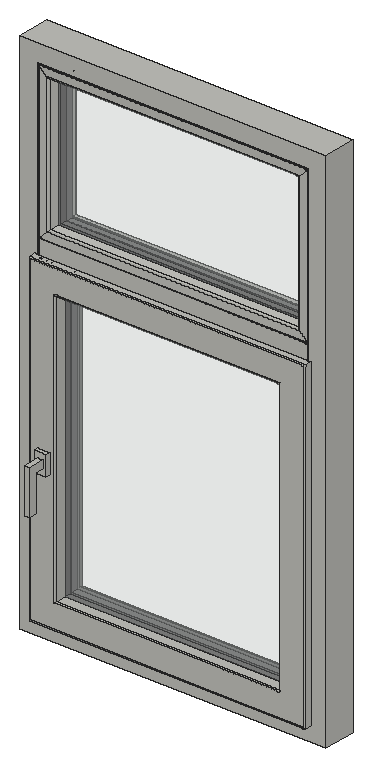
Revit family "2021_ES_Ventana_Replus_RE80-PVC-i30_11102_1H-1FS", category Ventanas, Revit 2021
Family settings
  Anfitrión = Muro
  Número OmniClass = 23.30.20.00
  Título OmniClass = Windows
  Siempre vertical = Sí
  Corte con vacíos al cargar = No
  Compartido = No
  Punto de cálculo de habitación = No
Parameters (values of type "11102")
  Ι_Wll Thcknss [instance] = 200.000 mm
  Ι_Wdth Cntrl = if(Anchura < 429.000 mm, 429.000 mm, if(Anchura > 1514.000 mm, 1514.000 mm, Anchura))  # 750.000 mm
  Ι_Ssh Wdth = (Ι_Wdth Cntrl - 2 * 36.800 mm)  # 676.400 mm
  Ι_Ssh Hght = if(Altura de hoja < 165.000 mm, 165.000 mm, if(Altura de hoja > Ι_Hght Cntrl - 2.000 mm * 36.8 - Ι_Fxd Hght - 17.700 mm + 40.000 mm, Ι_Hght Cntrl - 2.000 mm * 36.8 - Ι_Fxd Hght - 17.700 mm + 40.000 mm, Ι_Hght Cntrl - 2.000 mm * 36.8 - Ι_Fxd Hght - 17.700 mm + 40.000 mm))  # 799.700 mm
  Ι_Nst Cntrl [instance] = if(Retranqueo > Ι_Wll Thcknss - 80.000 mm, Ι_Wll Thcknss - 80.000 mm, if(Retranqueo = Ι_Wll Thcknss - 80.000 mm, Ι_Wll Thcknss - 80.000 mm, Retranqueo))  # 0.000 mm
  Ι_Hndl Hght Cntrl = if(Altura de Manilla < 150.000 mm, 150.000 mm, if(Altura de Manilla > Ι_Ssh Hght - 50.000 mm, Ι_Ssh Hght - 50.000 mm, Altura de Manilla))  # 400.000 mm
  Ι_Hght Cntrl = if(Altura < 429.000 mm, 429.000 mm, if(Altura > 2658.000 mm, 2658.000 mm, Altura))  # 1300.000 mm
  Ι_Fxd Hght Cntrl = Ι_Hght Cntrl - Ι_Ssh Hght - 51.000 mm  # 449.300 mm
  Ι_Fxd Hght = if((Ι_Hght Cntrl - Altura de hoja - 51.000 mm) < 173.000 mm, 173.000 mm, Ι_Hght Cntrl - Altura de hoja - 51.000 mm)  # 449.000 mm
  Ι_Frm Wdth Cntrl = Ι_Wdth Cntrl  # 750.000 mm
  Ι_Frm Hght Cntrl = Ι_Hght Cntrl  # 1300.000 mm
  Zona = ""
  Visibilidad Líneas Apertura - Planta = yes
  Visibilidad Líneas Apertura - Alzado = yes
  Vida Util Esperada = ""
  Version Estandar GDO-BIM = "GDO-BIM V02"  # constant formula
  Version = "RVT2021"  # constant formula
  Verano de transmitancia termica = 0
  Unidad Medicion = ""
  Unidad = ""
  Uniclass2015 Titulo = ""
  Uniclass2015 Codigo = ""
  URL de Declaracion de Prestaciones = ""
  URL Producto = "https://replus.es/bim/"
  URL Perfil BIM = "https://bimetica.com/es/objeto-bim-replus-ventana-re80-pvc-i30-1-hoja-oscilobatiente-fijo-superior-11103.html"
  URL = "https://replus.es/"
  UNSPSC Titulo = "Windows"  # constant formula
  UNSPSC Codigo = "30171600"  # constant formula
  Transmitancia termica invierno = 0
  Transmitancia solar = 0
  Transmitancia de ganancia de calor solar = 0
  Transmision de luz visible = 0
  Titular = "Regicarp, S.L."  # constant formula
  Tipo Embalaje Proteccion = ""
  Tiene antepecho interno = no
  Tiene antepecho externo = no
  Tiempo Util De Vida = ""
  Tiempo Medio Entre Fallos = ""
  Telefono Contacto = "+34 966544310"  # constant formula
  Soporte tecnico BIM = "https://bimsupport.info/es/fabricantes/regicarp-replus-bim/"
  Sistema = ""
  Serie = ""
  Responsable Seguridad = ""
  Responsable Prescripcion = ""
  Responsable Compra = ""
  Residuos Peligrosos por Unidad = 0
  Residuos No Peligrosos por Unidad = 0
  Residuo Radioactivo por Unidad = 0
  Residuo Inerte por Unidad = 0
  Reflectancia solar = 0
  Reflectancia de luz visible = 0
  Referencia Unidad Funcional = ""
  Referencia Lote = ""
  Referencia Contacto Soporte Tecnico = ""
  Referencia Contacto Comercial Venta = ""
  Referencia = "RE 80/PVC/i30"
  Punto de Contacto = ""
  Proteccion con Malla = no
  Plataforma descaga contenido BIM = "www.bimetica.com"
  Periodo Garantia = ""
  Partida URL = ""
  Pais de Venta = ""
  Omniclass Titulo = "Plastic Windows"  # constant formula
  Omniclass Codigo = "23-17 13 17"  # constant formula
  Numero de Licencia = "XXXXXXXX8182 / No-aportada por bimboject AB (anterior)"  # constant formula
  Numero de Declaracion de Prestaciones = ""
  Numero Serie = ""
  Numero Articulo Global Comercial = ""
  Numero Articulo = ""
  Nivel de Riesgo = ""
  Material Envoltura = ""
  Material Contenedor = ""
  Material = none
  Masterformat Titulo = "Plastic Windows"  # constant formula
  Masterformat Codigo = "08 53 00"  # constant formula
  Marcado CE = yes
  Mantenimiento = ""
  Lugar Ensamblaje = ""
  Instrucciones Especiales = ""
  Informacion Tecnica = ""
  IfcExportType = "Oscilobatiente"
  IfcExportAs = "IfcWindow"  # constant formula
  Identificador Garantia = ""
  Historial = "(RVT2021) Actualización GDO-BIM (RVT2015) Creacion de Elemento"  # constant formula
  Gubimclass Titulo = "Ventanas de fachadas"  # constant formula
  Gubimclass Codigo = "30.10.20.10"  # constant formula
  Gas de Relleno = ""
  Garantia Extendida = no
  Fuente Datos LCA = ""
  Formacion Fotoquimica Ozono por Unidad = 0
  Fecha Vencimiento Elemento BIM = ""
  Fecha Suministro = ""
  Fecha Fin Garantia = ""
  Fecha Evaluacion = ""
  Fecha Emision Elemento BIM = ""
  Fecha Compra = ""
  Fecha Colocacion = ""
  Fase Ciclo Vida = ""
  Falta de Recursos por Unidad = 0
  Exclusiones = ""
  Eutrofizacion por Unidad = 0
  Etiqueta Modelo = ""
  Estandar seguridad = ""
  Espesor de vidrio 3 = 0.000 mm
  Espesor de vidrio 2 = 0.000 mm
  Espesor de vidrio 1 = 0.000 mm
  Espacio libre acceso = 0.000 mm
  Espacio = ""
  Es templado = no
  Es recubierto = no
  Es laminado = no
  Es Exterior = yes
  Es Accesible = no
  Energia consumida = 0
  Energia Renovable Consumida por Unidad = 0
  Energia Primaria Total Consumida por Unidad = 0
  Energia No Renovable Consumida por Unidad = 0
  Email Contacto = "info@replus.es"  # constant formula
  Destruccion Capa Ozono Estratosferica por Unidad = 0
  Descripcion Evaluacion = ""
  Dependiente De = ""
  Declaracion Ambiental de Producto URL = ""
  Creditos LEED = ""
  Creditos BREEAM = ""
  Coste Mantenimiento = 0
  Contenido Garantia = ""
  Contacto = ""
  Condiciones de Venta = ""
  Condiciones Evaluacion = ""
  Color de vidrio = ""
  Coeficiente de sombreado = 0
  Codigo Barras = ""
  Codigo = ""
  Clasificacion de carga de viento = ""
  Capas de vidrio = 0
  Cambio Climatico por Unidad = 0
  COBie Categoria = "IfcWindow"
  Base Precio Producto 03 = ""
  Base Precio Producto 02 = ""
  Base Precio Producto 01 = ""
  Autor = "Bimetica Parametric Design Services S.L. (actual) / bimobject AB (anterior)"  # constant formula
  Ano Produccion = ""
  Anchura aproximada = Ι_Wdth Cntrl + 2 * Hueco  # 770.000 mm
  Altura minima requerida = 0.000 mm
  Altura aproximada = Ι_Hght Cntrl + 2 * Hueco  # 1320.000 mm
  Retranqueo [instance] = 0.000 mm
  Product Material = PVC - Replus - 9152 - White
  Modelo = "11102_FI"
  Material secondary = "Glass"
  Material main = "PVC"
  Fabricante = "Replus"
  Nota clave = "08500"
  Hueco = 10.000 mm
  Altura = 1300.000 mm
  Exceso Dimensiones = or(and(Altura < 429.000 mm, Advertencia Dimensión), and(Anchura < 429.000 mm, Advertencia Dimensión), and(Anchura > 1514.000 mm, Advertencia Dimensión), and(Altura > 2658.000 mm, Advertencia Dimensión))  # no
  Edition number = 1
  Descripción = "Perfiles de hoja oculta en PVC, mejorando sustancialmente el campo visual, con triple junta (mediante junta rigida en el marco) protegiendo de esta manera todos los puntos de cierre, aumentando la seguridad y proporcionando una junta perimetral completa, con perfilería de clasificación máxima S-II-A"
  Default Sill Height = 800.000 mm
  Cierre de muro = Por anfitrión
  Anchura = 750.000 mm
  Código de montaje = "B2020100"
  Construcción analítica = "<None>"
  Altura de hoja = 800.000 mm
  Altura de Manilla = 400.000 mm
  Agua Consumida por Unidad = 0
  Advertencia Dimensión = yes
  Acidificacion Atmosferica por Unidad = 0
  Acabado = ""
  Absorcion solar = 0
Reference planes
  plane 1 "Center (Front/Back)": y = 0
  plane 2 "Center (Left/Right)": x = 0
  plane 3 "Left": x = -385
  plane 4 "Right": x = 385
  plane 5 "Sill": z = 800
  plane 6 "Head": z = 2120
  plane 7 "Exterior": y = 100
  plane 8 "Interior": y = -100
  plane 9: x = -375
  plane 10: x = 375
  plane 11 "Inset": y = -20
  plane 12: z = 2110
  plane 13: z = 810
  plane 14 "Central Profile": x = 0
  plane 15: z = 2058.811
  plane 16: z = 861.189
  plane 17: y = -38.5
  plane 18: x = -338.2
  plane 19: x = 338.2
  plane 20: z = 2073.2
  plane 21: z = 1377.736
  plane 22: z = 1374.811
  plane 23: z = 882.435
  plane 24: z = 2573.491
  plane 25: z = 2565.491
  plane 26: z = 1015.491
  plane 27: z = 1210
  plane 28: z = 846.8
  plane 29: x = 303.2
  plane 30: x = -303.2
  plane 31: z = 1646.5
  plane 32: y = 500
  plane 33: y = -100
  plane 34: x = -274.2
  plane 35: x = 274.2
  plane 36: z = 1582.5
  plane 37: z = 910.8
  plane 38 "glass": y = -57
  plane 39: y = 10
Lines and regions (mm)
  Opening 1
    outline origin (3500, -100, 0) x (1, 0, 0) y (0, 0, 1)
      loop
        line (-3115, 800) -> (-3115, 2120) -> (-3885, 2120) -> (-3885, 800) -> (-3115, 800)
  symbolic lines, style "Hidden Lines Black", visible <- "Visibilidad Líneas Apertura - Alzado"
    curve 1: line (-274.2, -20, 1210) -> (274.2, -20, 1582.5)
    curve 2: line (-274.2, -20, 1210) -> (274.2, -20, 910.8)
    curve 3: line (0, -20, 1582.5) -> (-274.2, -20, 910.8)
    curve 4: line (0, -20, 1582.5) -> (274.2, -20, 910.8)
  symbolic lines, visible <- "Visibilidad Líneas Apertura - Planta"
    curve 5: line (-338.2, -100, 0) -> (-338.2, -776.512, 0)
    curve 6: arc (-338.2, -776.512, 0) -> (140.127, -578.36, 0) -> (338.2, -100, 0) r 676.4
  model lines, style "Hidden Lines Black", visible <- "Visibilidad Líneas Apertura - Alzado"
    curve 7: line (0, -57, 1582.5) -> (-274.2, -57, 910.8)
    curve 8: line (0, -57, 1582.5) -> (274.2, -57, 910.8)
    curve 9: line (-274.2, -57, 1210) -> (274.2, -57, 1582.5)
    curve 10: line (-274.2, -57, 1210) -> (274.2, -57, 910.8)
Text (mm)
  text "EXTERIOR" at (-1963.203, 1332.353, 0), in view "Ref. Level"
  text "INTERIOR" at (-1981.466, -818.386, 0), in view "Ref. Level"
  text "Exterior" at (0, 923.751, 2943.296), in view "Right"
  text "Exterior" at (0, 1040.484, 2685.409), in view "Left"
Dimensions and locks
  equal spacing: plane 3 "Left", plane 2 "Center (Left/Right)", plane 4 "Right"
  "Ι_Wdth Cntrl": plane 9 to plane 10
  "Ι_Hght Cntrl": plane 13 to plane 12
  "Default Sill Height": plane 5 "Sill" to level
  locked: plane 7 "Exterior" to host wall
  locked: plane 8 "Interior" to host wall
  "Hueco": plane 3 "Left" to plane 9
  "Hueco": plane 10 to plane 4 "Right"
  "Hueco": plane 13 to plane 5 "Sill"
  equal spacing: plane 9, plane 14 "Central Profile", plane 10
  locked: plane 12 to plane 15 at 51.189
  locked: plane 16 to plane 13 at 51.189
  locked: plane 11 "Inset" to plane 17 at 18.5
  locked: plane 9 to plane 18 at 36.8
  locked: plane 19 to plane 10 at 36.8
  locked: plane 12 to plane 20 at 36.8
  plane 12 to plane 20 = 36.800 mm
  "Ι_Wll Thcknss": host wall to host wall
  locked: plane 28 to plane 13 at 36.8
  "Ι_Hndl Hght Cntrl": plane 27 to plane 13
  locked: plane 29 to plane 19 at 35
  locked: plane 18 to plane 30 at 35
  "Ι_Ssh Hght": plane 31 to plane 28
  locked: plane 32 to plane 7 "Exterior" at 400
  locked: plane 17 to plane 33 at 61.5
  "Ι_Nst Cntrl": plane 8 "Interior" to plane 33
  locked: plane 34 to plane 30 at 29
  locked: plane 35 to plane 29 at 29
  locked: plane 31 to plane 36 at 64
  locked: plane 17 to plane 38 "glass" at 18.5
  locked: plane 37 to plane 13 at 100.8
  locked: plane 39 to plane 11 "Inset" at 30
  "Hueco": plane 6 "Head" to plane 12
  "Ι_Ssh Wdth": radius of curve 6
  aligned and locked: nested 2 to plane 11 "Inset"
  aligned and locked: nested 2 to plane 2 "Center (Left/Right)"
  aligned and locked: plane 18 to nested 1  (x2)
  aligned and locked: nested 1 to plane 17
  aligned and locked: plane 12 to nested 2
  aligned and locked: nested 1 to plane 28
  aligned and locked: plane 31 to nested 1
  aligned and locked: nested 4 to plane 32
  aligned and locked: nested 4 to plane 2 "Center (Left/Right)"
  aligned and locked: plane 36 to curve 1
  aligned and locked: plane 35 to curve 1
  aligned and locked: plane 14 "Central Profile" to curve 3
  aligned and locked: curve 5 to plane 18
  aligned and locked: plane 36 to curve 8
  aligned and locked: plane 27 to curve 10
  aligned and locked: plane 34 to curve 10
  aligned and locked: plane 37 to curve 10
  aligned and locked: plane 35 to curve 10
  aligned and locked: plane 33 to curve 5
  aligned and locked: plane 33 to curve 6
  aligned and locked: plane 30 to nested 3
  aligned and locked: nested 3 to plane 27
Automatic sketch dimensions
  Opening 1 sketch curve to plane 3 "Left" = 0.000 mm
  Opening 1 sketch curve to plane 4 "Right" = 0.000 mm
  Opening 1 sketch curve to plane 5 "Sill" = 0.000 mm
  Opening 1 sketch curve to plane 6 "Head" = 0.000 mm
  plane 35 to curve 4 = 0.000 mm
  curve 2 to plane 27 = 0.000 mm
  curve 2 to plane 34 = 0.000 mm
  curve 3 to plane 37 = 0.000 mm
  curve 2 to plane 37 = 0.000 mm
  curve 4 to plane 36 = 0.000 mm
  plane 35 to curve 9 = 0.000 mm
  plane 2 "Center (Left/Right)" to curve 7 = 0.000 mm
  curve 9 to plane 36 = 0.000 mm
  curve 6 to plane 19 = 0.000 mm
  plane 18 to curve 6 = 0.000 mm
  curve 3 to plane 34 = 0.000 mm
  curve 7 to plane 34 = 0.000 mm
  curve 7 to plane 37 = 0.000 mm
Nested families
  nested 1: "Leaf" at (0, -38.5, 846.8), type "Leaf"
  nested 2: "Frame" at (0, -20, 810), type "Frame"
    with Anchura 750.000 mm
  nested 3: "Handle" at (-303.2, -118.5, 1210) x (1, 0, 0) z (0, -1, 0), type "Handle", detail levels medium+fine
  nested 4: "Dimensions Overconstraint Warning" at (0, 500, 0), visible <- "Exceso Dimensiones", type "Dimensions Overconstraint Warning"
Definition of nested family "Leaf"
  Parameters (values of type "Leaf")
    Width = 676.400 mm
    Product Material = none
    Height = 799.700 mm
    Analytic Construction = "<None>"
  Reference planes
    plane 1 "Center (Front/Back)": y = 0
    plane 2: z = 0
    plane 3 "Center (Left/Right)": x = 0
    plane 4: x = -338.2
    plane 5: x = 338.2
    plane 6: z = 799.7
    plane 7: x = -278.2
    plane 8: x = 278.2
    plane 9: z = 751.7
    plane 10: z = 48
    plane 11: y = -65.804
    plane 12: x = 290.2
    plane 13: x = -274.2
    plane 14: x = 274.2
    plane 15: z = 748.705
    plane 16: z = 50.995
    plane 17: z = 64
    plane 18: z = 735.7
    plane 19: y = -40
    plane 20: y = -4
    plane 21: y = -8
    plane 22: y = -26
    plane 23: y = -30
    plane 24: y = -48
    plane 25: y = -52
    plane 26: x = -290.2
    plane 27: x = -284.2
    plane 28: x = 284.2
    plane 29: z = 745.7
    plane 30: z = 54
    plane 31: x = -295.2
    plane 32: x = 295.2
    plane 33: z = 756.7
    plane 34: z = 43
  Forms (mm)
    Sweep 1, solid, material <- "Product Material", detail levels coarse
      path origin (0, 0, 0) x (1, 0, 0) y (0, 0, 1)
        loop
          line (-338.2, 799.7) -> (-338.2, 0) -> (338.2, 0) -> (338.2, 799.7) -> (-338.2, 799.7)
      profile origin (-338.2, 0, 399.85) x (-1, 0, 0) y (0, -1, 0)
        loop
          line (-20, 56.6) -> (-20, 61.5) -> (-7.5, 61.5) -> (0, 61.5) -> (0, 80) -> (-64, 80) -> (-64, 0) -> (-43, 0) -> (-40.495, 0) -> (-20, 0) -> (-20, 56.6)
    Sweep 2, solid, material <- "Product Material", detail levels fine
      path origin (0, 0, 0) x (1, 0, 0) y (0, 0, 1)
        loop
          line (-338.2, 799.7) -> (-338.2, 0) -> (338.2, 0) -> (338.2, 799.7) -> (-338.2, 799.7)
      profile origin (-338.2, 0, 399.85) x (-1, 0, 0) y (0, -1, 0)
        loop
          line (-33, 14) -> (-33, 23.5) -> (-27.5, 23.5) -> (-20, 23.5) -> (-20, 61.5) -> (-7.5, 61.5) -> (0, 61.5) -> (0, 77)
          arc (0, 77) -> (-0.879, 79.121) -> (-3, 80) r 3
          line (-3, 80) -> (-61, 80)
          arc (-61, 80) -> (-63.121, 79.121) -> (-64, 77) r 3
          line (-64, 77) -> (-64, 52) -> (-43, 52) -> (-43, 4) -> (-40.495, 4) -> (-33, 4) -> (-33, 14)
    Sweep 3, solid, material <- "Product Material", detail levels medium
      path origin (0, 0, 0) x (1, 0, 0) y (0, 0, 1)
        loop
          line (-338.2, 799.7) -> (-338.2, 0) -> (338.2, 0) -> (338.2, 799.7) -> (-338.2, 799.7)
      profile origin (-338.2, 0, 399.85) x (-1, 0, 0) y (0, -1, 0)
        loop
          line (-20, 23.5) -> (-20, 61.5) -> (0, 61.5) -> (0, 80) -> (-64, 80) -> (-64, 52) -> (-43, 52) -> (-43, 4) -> (-33, 4) -> (-33, 23.5) -> (-20, 23.5)
    Extrusion 4, solid, detail levels fine
      sketch origin (0, 0, 0) x (1, 0, 0) y (0, 1, 0)
        loop
          line (-290.2, -4) -> (-290.2, -8) -> (290.2, -8) -> (290.2, -4) -> (-290.2, -4)
        loop
          line (-290.2, -26) -> (-290.2, -30) -> (290.2, -30) -> (290.2, -26) -> (-290.2, -26)
        loop
          line (-290.2, -48) -> (-290.2, -52) -> (290.2, -52) -> (290.2, -48) -> (-290.2, -48)
      from 48 to 751.7
    Extrusion 5, solid, detail levels medium
      sketch origin (0, 0, 0) x (1, 0, 0) y (0, 1, 0)
        loop
          line (-295.2, -4) -> (-295.2, -52) -> (295.2, -52) -> (295.2, -4) -> (-295.2, -4)
      from 43 to 756.7
    Sweep 6, solid, detail levels fine
      path origin (0, 0, 0) x (1, 0, 0) y (0, 0, 1)
        loop
          line (-284.2, 745.7) -> (-284.2, 54) -> (284.2, 54) -> (284.2, 745.7) -> (-284.2, 745.7)
      profile origin (-284.2, 0, 399.85) x (-1, 0, 0) y (0, -1, 0)
        loop
          line (0, 8) -> (0, 26) -> (-6, 26) -> (-6, 8) -> (0, 8)
        loop
          line (0, 30) -> (0, 48) -> (-6, 48) -> (-6, 30) -> (0, 30)
    Extrusion 7, solid, detail levels coarse
      sketch origin (0, 0, 0) x (1, 0, 0) y (0, 1, 0)
        loop
          line (-274.2, 0) -> (-274.2, -80) -> (274.2, -80) -> (274.2, 0) -> (-274.2, 0)
      from 64 to 735.7
    Sweep 8, solid, detail levels medium+fine
      path origin (0, 0, 0) x (1, 0, 0) y (0, 0, 1)
        loop
          line (-338.2, 799.7) -> (-338.2, 0) -> (338.2, 0) -> (338.2, 799.7) -> (-338.2, 799.7)
      profile origin (-338.2, 0, 399.85) x (-1, 0, 0) y (0, -1, 0)
        loop
          line (-33, 0) -> (-33, 4) -> (-64, 4) -> (-64, 0) -> (-33, 0)
  Lines and regions (mm)
    symbolic lines, detail levels coarse
      curve 1: line (-274.2, -40, 0) -> (274.2, -40, 0)
      curve 2: line (0, -40, 735.7) -> (0, -40, 64)
  Dimensions and locks
    equal spacing: plane 4, plane 3 "Center (Left/Right)", plane 5
    "Width": plane 4 to plane 5
    "Height": plane 6 to plane 2
    locked: plane 4 to plane 7 at 60
    locked: plane 8 to plane 5 at 60
    locked: plane 6 to plane 9 at 48
    locked: plane 10 to plane 2 at 48
    locked: plane 8 to plane 12 at 12
    locked: plane 7 to plane 13 at 4
    locked: plane 14 to plane 8 at 4
    locked: plane 6 to plane 15 at 50.995
    locked: plane 16 to plane 2 at 50.995
    locked: plane 15 to plane 18 at 13.005
    locked: plane 17 to plane 16 at 13.005
    locked: plane 19 to plane 1 "Center (Front/Back)" at 40
    plane 25 to plane 24 to plane 23 to plane 22 to plane 21 to plane 20 to plane 1 "Center (Front/Back)" = 4.000 mm locked, 18.000 mm locked, 4.000 mm locked, 18.000 mm locked, 4.000 mm locked, 4.000 mm locked
    locked: plane 26 to plane 7 at 12
    locked: plane 26 to plane 27 at 6
    locked: plane 28 to plane 12 at 6
    locked: plane 6 to plane 29 at 54
    locked: plane 30 to plane 2 at 54
    locked: plane 31 to plane 26 at 5
    locked: plane 12 to plane 32 at 5
    locked: plane 33 to plane 29 at 11
    locked: plane 30 to plane 34 at 11
    aligned and locked: level to plane 2
    aligned and locked: Sweep 1 sketch curve to plane 6
    aligned and locked: plane 4 to Sweep 1 sketch curve
    aligned and locked: plane 5 to Sweep 1 sketch curve
    aligned and locked: plane 2 to Sweep 1 sketch curve
    aligned and locked: Sweep 2 sketch curve to plane 6
    aligned and locked: plane 4 to Sweep 2 sketch curve
    aligned and locked: plane 5 to Sweep 2 sketch curve
    aligned and locked: plane 2 to Sweep 2 sketch curve
    aligned and locked: Sweep 3 sketch curve to plane 6
    aligned and locked: plane 4 to Sweep 3 sketch curve
    aligned and locked: plane 5 to Sweep 3 sketch curve
    aligned and locked: plane 2 to Sweep 3 sketch curve
    aligned and locked: plane 9 to Extrusion 4
    aligned and locked: Extrusion 4 to plane 10
    aligned and locked: plane 1 "Center (Front/Back)" to Extrusion 7 sketch curve
    aligned and locked: Extrusion 7 sketch curve to plane 13
    aligned and locked: Extrusion 7 sketch curve to plane 14
    aligned and locked: plane 18 to Extrusion 7
    aligned and locked: Extrusion 7 to plane 17
    aligned and locked: plane 19 to curve 1  (x2)
    aligned and locked: plane 14 to curve 1
    aligned and locked: plane 13 to curve 1
    aligned and locked: plane 17 to curve 2
    aligned and locked: plane 19 to curve 2  (x2)
    aligned and locked: plane 18 to curve 2
    aligned and locked: plane 4 to Sweep 8 sketch curve
    aligned and locked: plane 5 to Sweep 8 sketch curve
    aligned and locked: Sweep 8 sketch curve to plane 6
    aligned and locked: plane 2 to Sweep 8 sketch curve
    aligned and locked: Extrusion 4 sketch curve to plane 26  (x3)
    aligned and locked: Extrusion 4 sketch curve to plane 21
    aligned and locked: plane 20 to Extrusion 4 sketch curve
    aligned and locked: plane 22 to Extrusion 4 sketch curve
    aligned and locked: Extrusion 4 sketch curve to plane 23
    aligned and locked: plane 24 to Extrusion 4 sketch curve
    aligned and locked: Extrusion 4 sketch curve to plane 25
    aligned and locked: plane 20 to Extrusion 5 sketch curve
    aligned and locked: Extrusion 5 sketch curve to plane 25
    aligned and locked: Extrusion 4 sketch curve to plane 12  (x3)
    aligned and locked: Sweep 6 sketch curve to plane 27
    aligned and locked: Sweep 6 sketch curve to plane 28
    aligned and locked: Sweep 6 sketch curve to plane 29
    aligned and locked: plane 30 to Sweep 6 sketch curve
    aligned and locked: Extrusion 5 sketch curve to plane 31
    aligned and locked: Extrusion 5 sketch curve to plane 32
    aligned and locked: plane 33 to Extrusion 5
    aligned and locked: Extrusion 5 to plane 34
  Automatic sketch dimensions
    plane 11 to Extrusion 7 sketch curve = 14.196 mm
    Sweep 2 sketch curve to profile plane = 0.000 mm
    profile plane to Sweep 2 sketch curve = 3.000 mm
    profile plane to Sweep 2 sketch curve = 7.500 mm
    Sweep 2 sketch curve to Sweep 2 sketch curve = 12.500 mm
    Sweep 2 sketch curve to Sweep 2 sketch curve = 7.500 mm
    plane 1 "Center (Front/Back)" to Sweep 2 sketch curve = 4.000 mm
    Sweep 2 sketch curve to Sweep 2 sketch curve = 5.500 mm
    Sweep 2 sketch curve to Sweep 2 sketch curve = 7.495 mm
    Sweep 2 sketch curve to Sweep 2 sketch curve = 2.505 mm
    Sweep 2 sketch curve to Sweep 2 sketch curve = 18.000 mm
    Sweep 2 sketch curve to Sweep 2 sketch curve = 3.000 mm
    Sweep 2 sketch curve to Sweep 2 sketch curve = 10.000 mm
    Sweep 2 sketch curve to Sweep 2 sketch curve = 9.500 mm  (x2)
    Sweep 2 sketch curve to Sweep 2 sketch curve = 28.500 mm
    Sweep 2 sketch curve to Sweep 2 sketch curve = 25.000 mm
    Sweep 3 sketch curve to profile plane = 0.000 mm
    profile plane to Sweep 3 sketch curve = 20.000 mm
    Sweep 3 sketch curve to Sweep 3 sketch curve = 13.000 mm
    Sweep 3 sketch curve to Sweep 3 sketch curve = 23.000 mm
    Sweep 3 sketch curve to Sweep 3 sketch curve = 21.000 mm
    plane 1 "Center (Front/Back)" to Sweep 3 sketch curve = 4.000 mm
    Sweep 3 sketch curve to Sweep 3 sketch curve = 19.500 mm
    Sweep 3 sketch curve to Sweep 3 sketch curve = 28.500 mm
    Sweep 3 sketch curve to Sweep 3 sketch curve = 9.500 mm
    Sweep 3 sketch curve to Sweep 3 sketch curve = 28.000 mm
    plane 1 "Center (Front/Back)" to Sweep 1 sketch curve = 0.000 mm
    Sweep 1 sketch curve to profile plane = 0.000 mm
    Sweep 1 sketch curve to Sweep 1 sketch curve = 7.500 mm
    profile plane to Sweep 1 sketch curve = 20.000 mm
    Sweep 1 sketch curve to Sweep 1 sketch curve = 20.495 mm
    Sweep 1 sketch curve to Sweep 1 sketch curve = 2.505 mm
    Sweep 1 sketch curve to Sweep 1 sketch curve = 21.000 mm
    Sweep 1 sketch curve to Sweep 1 sketch curve = 56.600 mm
    Sweep 1 sketch curve to Sweep 1 sketch curve = 4.900 mm
    Sweep 1 sketch curve to Sweep 1 sketch curve = 18.500 mm
    plane 1 "Center (Front/Back)" to Sweep 8 sketch curve = 0.000 mm
    profile plane to Sweep 8 sketch curve = 64.000 mm
    plane 1 "Center (Front/Back)" to Sweep 8 sketch curve = 4.000 mm
    Sweep 8 sketch curve to Sweep 8 sketch curve = 31.000 mm
    profile plane to Sweep 6 sketch curve = 6.000 mm
    plane 1 "Center (Front/Back)" to Sweep 6 sketch curve = 8.000 mm
    Sweep 6 sketch curve to Sweep 6 sketch curve = 0.000 mm  (x2)
    Sweep 6 sketch curve to Sweep 6 sketch curve = 6.000 mm
    Sweep 6 sketch curve to Sweep 6 sketch curve = 18.000 mm  (x2)
    Sweep 6 sketch curve to Sweep 6 sketch curve = 4.000 mm
Definition of nested family "Frame"
  Parameters (values of type "Frame")
    Width = 900.000 mm
    Product Material = none
    Height = 1300.000 mm
    Fixed Leaf Height = 449.300 mm
    Analytic Construction = "<None>"
  Reference planes
    plane 1 "Center (Front/Back)": y = 0
    plane 2: z = 0
    plane 3 "Center (Left/Right)": x = 0
    plane 4: x = -450
    plane 5: x = 450
    plane 6: z = 1300
    plane 7 "Central Profile": x = 0
    plane 8: z = 850.7
    plane 9: x = -405.2
    plane 10: x = 405.2
    plane 11: x = -412.2
    plane 12: x = 412.2
    plane 13 "1": x = -385.1
    plane 14 "2": x = 385.1
    plane 15: z = 44.8
    plane 16: x = -373.1
    plane 17: x = 373.1
    plane 18: x = -390.1
    plane 19: x = 390.1
    plane 20: y = -18.5
    plane 21: y = -36.5
    plane 22: y = -40.5
    plane 23: y = -54.5
    plane 24: y = -58.5
    plane 25: y = -22.5
    plane 26: y = -62.518
    plane 27: x = -384.1
    plane 28: x = 384.1
    plane 29: z = 1263.2
    plane 30 "fi": z = 873.191
    plane 31 "3": x = 386.422
    plane 32 "4": x = -386.422
    plane 33: z = 1248.811
    plane 34: z = 879.58
    plane 35: z = 56.8
    plane 36: x = -380.2
    plane 37: x = 380.2
    plane 38: z = 1243.2
    plane 39: z = 884.9
    plane 40: z = 1234.189
    plane 41: z = 888.202
    plane 42: z = 894.202
    plane 43: z = 1255.2
    plane 44: z = 890.9
    plane 45: z = 1230.2
    plane 46: z = 904.389
    plane 47: y = -49.25
  Forms (mm)
    Sweep 1, solid, material <- "Product Material", detail levels fine
      path origin (0, 0, 0) x (1, 0, 0) y (0, 0, 1)
        loop
          line (-450, 1300) -> (-450, 0) -> (450, 0) -> (450, 1300) -> (-450, 1300)
      profile origin (-450, 0, 650) x (-1, 0, 0) y (0, -1, 0)
        loop
          line (0, 80) -> (-43.8, 80)
          arc (-43.8, 80) -> (-44.507, 79.707) -> (-44.8, 79) r 1
          line (-44.8, 79) -> (-44.8, 38) -> (-63.811, 38) -> (-63.811, 18.5) -> (-75.767, 18.5)
          arc (-75.767, 18.5) -> (-76.56, 18.109) -> (-76.733, 17.241) r 1
          line (-76.733, 17.241) -> (-72.709, 2.224)
          arc (-72.709, 2.224) -> (-71.637, 0.62) -> (-69.811, 0) r 3
          line (-69.811, 0) -> (0, 0) -> (0, 80)
    Sweep 2, solid, material <- "Product Material", detail levels coarse
      path origin (0, 0, 0) x (1, 0, 0) y (0, 0, 1)
        loop
          line (-450, 1300) -> (-450, 0) -> (450, 0) -> (450, 1300) -> (-450, 1300)
      profile origin (-450, 0, 650) x (-1, 0, 0) y (0, -1, 0)
        loop
          line (0, 80) -> (-56.8, 80) -> (-56.8, 18.5) -> (-76.9, 18.5) -> (-76.9, 0) -> (0, 0) -> (0, 80)
    Sweep 3, solid, material <- "Product Material", detail levels medium
      path origin (0, 0, 0) x (1, 0, 0) y (0, 0, 1)
        loop
          line (-450, 1300) -> (-450, 0) -> (450, 0) -> (450, 1300) -> (-450, 1300)
      profile origin (-450, 0, 650) x (-1, 0, 0) y (0, -1, 0)
        loop
          line (0, 80) -> (-56.8, 80) -> (-56.8, 42) -> (-69.8, 42) -> (-69.8, 18.5) -> (-76.662, 18.5) -> (-76.662, 0) -> (0, 0) -> (0, 80)
    Sweep 4, solid, material <- "Product Material", detail levels fine
      path origin (0, 0, 0) x (1, 0, 0) y (0, 0, 1)
        loop
          line (-405.2, 850.7) -> (405.2, 850.7)
      profile "Profile 01 - Fijo Inferior - Center Frame : Profile 01 - Fijo Inferior - Center Frame" origin (0, 0, 850.7) x (0, 0, 1) y (0, -1, 0)
        loop
          arc (22.491, 79) -> (22.198, 79.707) -> (21.491, 80) r 1
          line (21.491, 80) -> (-20.645, 80)
          arc (-20.645, 80) -> (-21.352, 79.707) -> (-21.645, 79) r 1
          line (-21.645, 79) -> (-21.645, 75.579) -> (-21.645, 67.975) -> (-19.491, 67.975) -> (-19.491, 38) -> (-41.502, 38) -> (-41.502, 36.218) -> (-28.88, 28.93) -> (-28.88, 12.933) -> (-41.912, 12.933) -> (-42.694, 18.5) -> (-53.458, 18.5)
          arc (-53.458, 18.5) -> (-54.251, 18.109) -> (-54.424, 17.241) r 1
          line (-54.424, 17.241) -> (-50.4, 2.224)
          arc (-50.4, 2.224) -> (-49.328, 0.62) -> (-47.502, 0) r 3
          line (-47.502, 0) -> (47.502, 0)
          arc (47.502, 0) -> (49.328, 0.62) -> (50.4, 2.224) r 3
          line (50.4, 2.224) -> (54.424, 17.241)
          arc (54.424, 17.241) -> (54.251, 18.109) -> (53.458, 18.5) r 1
          line (53.458, 18.5) -> (42.694, 18.5) -> (41.912, 12.933) -> (28.88, 12.933) -> (28.88, 28.93) -> (41.502, 36.218) -> (41.502, 38) -> (19.491, 38) -> (19.491, 67.975) -> (22.491, 67.975) -> (22.491, 79)
    Sweep 5, solid, material <- "Product Material", detail levels coarse
      path origin (0, 0, 0) x (1, 0, 0) y (0, 0, 1)
        loop
          line (-405.2, 850.7) -> (405.2, 850.7)
      profile origin (0, 0, 850.7) x (0, 0, 1) y (0, -1, 0)
        loop
          line (-34.2, 80) -> (-34.2, 0) -> (53.689, 0) -> (53.689, 80) -> (-34.2, 80)
    Sweep 6, solid, material <- "Product Material", detail levels medium
      path origin (0, 0, 0) x (1, 0, 0) y (0, 0, 1)
        loop
          line (-405.2, 850.7) -> (405.2, 850.7)
      profile origin (0, 0, 850.7) x (0, 0, 1) y (0, -1, 0)
        loop
          line (37.502, 18.5) -> (37.502, 65.491) -> (36.686, 66.307) -> (34.2, 66.307) -> (34.2, 80) -> (-34.2, 80) -> (-34.2, 42) -> (-47.2, 42) -> (-47.2, 18.5) -> (-53.689, 18.5) -> (-53.689, 0) -> (53.689, 0) -> (53.689, 18.5) -> (37.502, 18.5)
    Sweep 7, solid, material <- "Product Material", detail levels fine
      path origin (0, 0, 426.2) x (1, 0, 0) y (0, 0, 1)
        loop
          line (-405.2, 829) -> (-405.2, 446.991) -> (405.2, 446.991) -> (405.2, 829) -> (-405.2, 829)
      profile origin (-405.2, 0, 1064.196) x (-1, 0, 0) y (0, -1, 0)
        loop
          line (-1.15, 79.982) -> (-20.819, 79.284)
          arc (-20.819, 79.284) -> (-23.754, 78.201) -> (-25.47, 75.585) r 4.995
          line (-25.47, 75.585) -> (-30.048, 58.5) -> (-22.292, 58.5) -> (-14.485, 66.307) -> (-14.485, 69.507) -> (0, 69.507) -> (0, 76.2) -> (0, 78.872)
          arc (0, 78.872) -> (-0.339, 79.671) -> (-1.15, 79.982) r 1.111
    Extrusion 8, solid, detail levels fine
      sketch origin (0, 0, 0) x (1, 0, 0) y (0, 1, 0)
        loop
          line (-384.1, -18.5) -> (-384.1, -22.5) -> (384.1, -22.5) -> (384.1, -18.5) -> (-384.1, -18.5)
        loop
          line (-384.1, -36.5) -> (-384.1, -40.5) -> (384.1, -40.5) -> (384.1, -36.5) -> (-384.1, -36.5)
        loop
          line (-384.1, -54.5) -> (-384.1, -58.5) -> (384.1, -58.5) -> (384.1, -54.5) -> (-384.1, -54.5)
      from 888.202 to 1234.189
    Extrusion 9, solid, detail levels coarse
      sketch origin (0, 0, 0) x (1, 0, 0) y (0, 1, 0)
        loop
          line (-390.1, -18.5) -> (-390.1, -80) -> (390.1, -80) -> (390.1, -18.5) -> (-390.1, -18.5)
      from 904.389 to 1243.2
    Sweep 10, solid, detail levels fine
      path origin (0, 0, 0) x (1, 0, 0) y (0, 0, 1)
        loop
          line (-378.1, 1228.189) -> (-378.1, 896.9) -> (378.1, 896.9) -> (378.1, 1228.189) -> (-378.1, 1228.189)
      profile "Profile 06 - Fijo Inferior - Metal Glass Seal Leaf Narrow FW - M : Profile 06 - Fijo Inferior - Metal Glass Seal Leaf Narrow" origin (0, 0, 1228.189) x (0, 0, 1) y (0, -1, 0)
        loop
          line (-8, 36.5) -> (-8, 22.5) -> (0, 22.5) -> (0, 36.5) -> (-8, 36.5)
        loop
          line (-8, 54.5) -> (-8, 40.5) -> (0, 40.5) -> (0, 54.5) -> (-8, 54.5)
    Extrusion 11, solid, detail levels medium
      sketch origin (0, 0, 0) x (1, 0, 0) y (0, 1, 0)
        loop
          line (-380.2, -18.5) -> (-380.2, -58.5) -> (380.2, -58.5) -> (380.2, -18.5) -> (-380.2, -18.5)
      from 888.202 to 1230.2
    Sweep 12, solid, material <- "Product Material", detail levels medium
      path origin (0, 0, 426.2) x (1, 0, 0) y (0, 0, 1)
        loop
          line (-393.2, 817) -> (-393.2, 458.7) -> (393.2, 458.7) -> (393.2, 817) -> (-393.2, 817)
      profile origin (-393.2, 0, 1064.05) x (-1, 0, 0) y (0, -1, 0)
        loop
          line (0, 80) -> (-12.287, 80) -> (-18.048, 58.5) -> (-10.292, 58.5) -> (-2.486, 66.307) -> (0, 66.307) -> (0, 80)
  Cuts and joins
    joined: Sweep 3, Sweep 6
    joined: Sweep 2, Sweep 5
  Lines and regions (mm)
    symbolic lines, detail levels coarse
      curve 1: line (0, -49.25, 1243.2) -> (0, -49.25, 904.389)
  Dimensions and locks
    "Width": plane 4 to plane 5
    "Height": plane 6 to plane 2
    equal spacing: plane 4, plane 3 "Center (Left/Right)", plane 5
    equal spacing: plane 4, plane 7 "Central Profile", plane 5
    locked: plane 9 to plane 4 at 44.8
    locked: plane 10 to plane 5 at 44.8
    locked: plane 4 to plane 11 at 37.8
    locked: plane 12 to plane 5 at 37.8
    locked: plane 9 to plane 13 "1" at 20.1
    locked: plane 14 "2" to plane 10 at 20.1
    locked: plane 13 "1" to plane 16 at 12
    locked: plane 17 to plane 14 "2" at 12
    locked: plane 18 to plane 13 "1" at 5
    locked: plane 14 "2" to plane 19 at 5
    plane 24 to plane 23 to plane 22 to plane 21 to plane 25 to plane 20 to plane 1 "Center (Front/Back)" = 4.000 mm locked, 14.000 mm locked, 4.000 mm locked, 14.000 mm locked, 4.000 mm locked, 18.500 mm locked
    locked: plane 26 to plane 24 at 4.018
    locked: plane 18 to plane 27 at 6
    locked: plane 28 to plane 19 at 6
    locked: plane 6 to plane 29 at 36.8
    locked: plane 28 to plane 31 "3" at 2.322
    locked: plane 32 "4" to plane 27 at 2.322
    locked: plane 6 to plane 33 at 51.189
    locked: plane 35 to plane 15 at 12
    locked: plane 27 to plane 36 at 3.9
    locked: plane 37 to plane 28 at 3.9
    "Fixed Leaf Height": plane 6 to plane 8
    locked: plane 33 to plane 38 at 5.611
    Extrusion 9 to plane 1 "Center (Front/Back)" = 18.500 mm
    locked: plane 6 to plane 40 at 65.811
    locked: plane 18 to Sweep 12 sketch curve at 3.1
    locked: plane 19 to Sweep 12 sketch curve at 3.1
    locked: plane 43 to plane 33 at 6.389
    locked: plane 40 to plane 45 at 3.989
    locked: plane 47 to plane 1 "Center (Front/Back)" at 49.25
    plane 46 to plane 42 to plane 44 to plane 41 to plane 39 to plane 34 to plane 30 "fi" to plane 8 = 10.187 mm locked, 3.302 mm locked, 2.698 mm locked, 3.302 mm locked, 5.320 mm locked, 6.389 mm locked, 22.491 mm locked
    locked: plane 40 to Sweep 10 sketch curve at 6
    locked: Sweep 10 sketch curve to plane 44 at 6
    locked: Sweep 10 sketch curve to plane 27 at 6
    locked: Sweep 10 sketch curve to plane 28 at 6
    aligned and locked: level to plane 2
    aligned and locked: Sweep 1 sketch curve to plane 6
    aligned and locked: plane 4 to Sweep 1 sketch curve
    aligned and locked: plane 5 to Sweep 1 sketch curve
    aligned and locked: plane 2 to Sweep 1 sketch curve
    aligned and locked: plane 4 to Sweep 2 sketch curve
    aligned and locked: Sweep 2 sketch curve to plane 6
    aligned and locked: plane 5 to Sweep 2 sketch curve
    aligned and locked: plane 2 to Sweep 2 sketch curve
    aligned and locked: Sweep 3 sketch curve to plane 6
    aligned and locked: plane 4 to Sweep 3 sketch curve
    aligned and locked: plane 5 to Sweep 3 sketch curve
    aligned and locked: plane 2 to Sweep 3 sketch curve
    aligned and locked: plane 10 to Sweep 4 sketch curve
    aligned and locked: plane 9 to Sweep 4 sketch curve
    aligned and locked: plane 8 to Sweep 4 sketch curve
    aligned and locked: Sweep 5 sketch curve to plane 8
    aligned and locked: plane 8 to Sweep 5 sketch curve
    aligned and locked: plane 9 to Sweep 5 sketch curve
    aligned and locked: plane 10 to Sweep 5 sketch curve
    aligned and locked: Sweep 6 sketch curve to plane 8
    aligned and locked: plane 10 to Sweep 6 sketch curve
    aligned and locked: plane 8 to Sweep 6 sketch curve
    aligned and locked: plane 9 to Sweep 6 sketch curve
    aligned and locked: plane 21 to Extrusion 8 sketch curve
    aligned and locked: Extrusion 8 sketch curve to plane 22
    aligned and locked: plane 23 to Extrusion 8 sketch curve
    aligned and locked: Extrusion 8 sketch curve to plane 24
    aligned and locked: Extrusion 8 sketch curve to plane 25
    aligned and locked: plane 20 to Extrusion 8 sketch curve
    aligned and locked: plane 20 to Extrusion 9 sketch curve
    aligned and locked: Extrusion 9 sketch curve to plane 18
    aligned and locked: Extrusion 9 sketch curve to plane 19
    aligned and locked: plane 20 to Extrusion 11 sketch curve
    aligned and locked: Extrusion 11 sketch curve to plane 24
    aligned and locked: Extrusion 11 sketch curve to plane 36
    aligned and locked: Extrusion 11 sketch curve to plane 37
    aligned and locked: Extrusion 9 to plane 38
    aligned and locked: plane 40 to Extrusion 8
    aligned and locked: Extrusion 8 to plane 41
    aligned and locked: plane 38 to Sweep 12 sketch curve
    aligned and locked: plane 39 to Sweep 12 sketch curve
    aligned and locked: plane 43 to Sweep 7 sketch curve
    aligned and locked: plane 30 "fi" to Sweep 7 sketch curve
    aligned and locked: plane 45 to Extrusion 11
    aligned and locked: Extrusion 11 to plane 41
    aligned and locked: Extrusion 9 to plane 46
    aligned and locked: curve 1 to plane 47
    aligned and locked: plane 46 to curve 1
    aligned and locked: plane 47 to curve 1
    aligned and locked: plane 38 to curve 1
    aligned and locked: plane 9 to Sweep 7 sketch curve
    aligned and locked: Sweep 7 sketch curve to plane 10
    aligned and locked: Extrusion 8 sketch curve to plane 27  (x3)
    aligned and locked: Extrusion 8 sketch curve to plane 28  (x3)
  Automatic sketch dimensions
    plane 26 to Extrusion 9 sketch curve = 17.482 mm
    plane 1 "Center (Front/Back)" to Sweep 1 sketch curve = 0.000 mm
    Sweep 1 sketch curve to profile plane = 0.000 mm
    profile plane to Sweep 1 sketch curve = 43.800 mm
    Sweep 1 sketch curve to Sweep 1 sketch curve = 1.000 mm
    Sweep 1 sketch curve to Sweep 1 sketch curve = 19.011 mm
    Sweep 1 sketch curve to Sweep 1 sketch curve = 6.000 mm
    plane 1 "Center (Front/Back)" to Sweep 1 sketch curve = 2.224 mm
    Sweep 1 sketch curve to Sweep 1 sketch curve = 2.898 mm
    Sweep 1 sketch curve to Sweep 1 sketch curve = 11.956 mm
    plane 1 "Center (Front/Back)" to Sweep 1 sketch curve = 17.241 mm
    Sweep 1 sketch curve to Sweep 1 sketch curve = 0.966 mm
    Sweep 1 sketch curve to Sweep 1 sketch curve = 0.259 mm
    Sweep 1 sketch curve to Sweep 1 sketch curve = 19.500 mm
    Sweep 1 sketch curve to Sweep 1 sketch curve = 41.000 mm
    plane 1 "Center (Front/Back)" to Sweep 3 sketch curve = 0.000 mm
    Sweep 3 sketch curve to profile plane = 0.000 mm
    profile plane to Sweep 3 sketch curve = 56.800 mm
    Sweep 3 sketch curve to Sweep 3 sketch curve = 13.000 mm
    Sweep 3 sketch curve to Sweep 3 sketch curve = 6.862 mm
    plane 1 "Center (Front/Back)" to Sweep 3 sketch curve = 18.500 mm
    Sweep 3 sketch curve to Sweep 3 sketch curve = 23.500 mm
    Sweep 3 sketch curve to Sweep 3 sketch curve = 38.000 mm
    plane 1 "Center (Front/Back)" to Sweep 2 sketch curve = 0.000 mm
    Sweep 2 sketch curve to profile plane = 0.000 mm
    profile plane to Sweep 2 sketch curve = 56.800 mm
    Sweep 2 sketch curve to Sweep 2 sketch curve = 20.100 mm
    Sweep 2 sketch curve to Sweep 2 sketch curve = 18.500 mm
    Sweep 2 sketch curve to Sweep 2 sketch curve = 61.500 mm
    Sweep 6 sketch curve to plane 1 "Center (Front/Back)" = 0.000 mm
    profile plane to Sweep 6 sketch curve = 53.689 mm
    Sweep 6 sketch curve to Sweep 6 sketch curve = 6.489 mm
    Sweep 6 sketch curve to Sweep 6 sketch curve = 13.000 mm
    Sweep 6 sketch curve to profile plane = 34.200 mm
    Sweep 6 sketch curve to Sweep 6 sketch curve = 2.486 mm
    Sweep 6 sketch curve to Sweep 6 sketch curve = 0.816 mm  (x2)
    Sweep 6 sketch curve to Sweep 6 sketch curve = 16.187 mm
    Sweep 6 sketch curve to Sweep 6 sketch curve = 18.500 mm  (x2)
    Sweep 6 sketch curve to Sweep 6 sketch curve = 23.500 mm
    Sweep 6 sketch curve to Sweep 6 sketch curve = 46.991 mm
    Sweep 6 sketch curve to Sweep 6 sketch curve = 13.693 mm
    Sweep 5 sketch curve to plane 1 "Center (Front/Back)" = 0.000 mm
    profile plane to Sweep 5 sketch curve = 34.200 mm
    Sweep 5 sketch curve to profile plane = 53.689 mm
    Sweep 5 sketch curve to Sweep 5 sketch curve = 80.000 mm
    profile plane to Sweep 12 sketch curve = 18.048 mm
    Sweep 12 sketch curve to Sweep 12 sketch curve = 5.761 mm
    Sweep 12 sketch curve to Sweep 12 sketch curve = 7.755 mm
    Sweep 12 sketch curve to Sweep 12 sketch curve = 12.287 mm
    profile plane to Sweep 12 sketch curve = 58.500 mm
    Sweep 12 sketch curve to Sweep 12 sketch curve = 7.807 mm
    Sweep 12 sketch curve to Sweep 12 sketch curve = 13.693 mm
    Sweep 12 sketch curve to Sweep 12 sketch curve = 2.486 mm
    Sweep 7 sketch curve to profile plane = 0.000 mm
    profile plane to Sweep 7 sketch curve = 1.111 mm
    Sweep 7 sketch curve to Sweep 7 sketch curve = 0.039 mm
    profile plane to Sweep 7 sketch curve = 14.485 mm
    Sweep 7 sketch curve to Sweep 7 sketch curve = 6.159 mm
    Sweep 7 sketch curve to Sweep 7 sketch curve = 0.174 mm
    Sweep 7 sketch curve to Sweep 7 sketch curve = 7.807 mm  (x2)
    Sweep 7 sketch curve to Sweep 7 sketch curve = 4.825 mm
    Sweep 7 sketch curve to Sweep 7 sketch curve = 7.755 mm
    plane 1 "Center (Front/Back)" to Sweep 7 sketch curve = 58.500 mm
    Sweep 7 sketch curve to Sweep 7 sketch curve = 3.200 mm
    Sweep 7 sketch curve to Sweep 7 sketch curve = 4.785 mm
    Sweep 7 sketch curve to Sweep 7 sketch curve = 1.293 mm
    Sweep 7 sketch curve to Sweep 7 sketch curve = 6.693 mm
    Sweep 7 sketch curve to Sweep 7 sketch curve = 2.671 mm
Definition of nested family "Handle"
  Parameters (values of type "Handle")
    Material = none
    Default Elevation = 1219.200 mm
  Reference planes
    plane 1 "Centre (avant/arrière)": y = 0
    plane 2: z = 0
    plane 3 "Centre (gauche/droite)": x = 0
    plane 4: z = 40
    plane 5: y = -100
    plane 6 "Plaque": z = 10
    plane 7: x = -6
  Forms (mm)
    Extrusion 1, solid
      sketch origin (0, 0, 0) x (1, 0, 0) y (0, 1, 0)
        loop
          line (-1219.2, 1219.2) -> (-1219.2, -1219.2) -> (1219.2, -1219.2) -> (1219.2, 1219.2) -> (-1219.2, 1219.2)
      from 0 to -304.8
    Extrusion 2, solid, material <- "Material"
      sketch origin (0, 0, 0) x (1, 0, 0) y (0, 1, 0)
        loop
          line (-14.231, 24.783) -> (-14.231, -24.783) -> (14.231, -24.783) -> (14.231, 24.783) -> (-14.231, 24.783)
      from 0 to 10
    Sweep 3, solid, material <- "Material"
      path origin (0, 0, 0) x (0, 1, 0) y (0, 0, 1)
        loop
          line (0, 10) -> (0, 40) -> (-100, 40)
      profile origin (0, 0, 25) x (0, -1, 0) y (1, 0, 0)
        loop
          line (10, -6) -> (10, 6) -> (-10, 6) -> (-10, -6) -> (10, -6)
  Dimensions and locks
    plane 4 to plane 2 = 40.000 mm
    plane 5 to plane 1 "Centre (avant/arrière)" = 100.000 mm
    equal spacing: Extrusion 2 sketch curve, plane 3 "Centre (gauche/droite)", Extrusion 2 sketch curve
    equal spacing: Extrusion 2 sketch curve, plane 1 "Centre (avant/arrière)", Extrusion 2 sketch curve
    Extrusion 2 sketch curve to Extrusion 2 sketch curve = 28.462 mm
    Extrusion 2 sketch curve to Extrusion 2 sketch curve = 49.566 mm
    locked: plane 7 to plane 3 "Centre (gauche/droite)" at 6
    aligned and locked: plane 2 to Extrusion 1
    aligned and locked: level to Extrusion 1
    aligned and locked: plane 6 "Plaque" to Extrusion 2
    aligned and locked: plane 6 "Plaque" to Sweep 3 sketch curve
    aligned and locked: plane 5 to Sweep 3 sketch curve
    aligned and locked: Sweep 3 sketch curve to plane 4
    aligned and locked: Sweep 3 sketch curve to plane 1 "Centre (avant/arrière)"
Definition of nested family "Dimensions Overconstraint Warning"
  Parameters (values of type "Dimensions Overconstraint Warning")
    Warning = "!"
    W warning = "300<Height<2250"
    Turn off notification = "For other dimensions, please contact K.Line/ Turn off notification"
    Text = "DIMENSIONS OVERCONSTRAINT"
    H warning = "300 mm<Width<1000 mm"
  Reference planes
    plane 1: y = 0
    plane 2: x = 0
  Lines and regions (mm)
    Filled region 1, type "Filled region 1"
      outline origin (0, 0, 0) x (1, 0, 0) y (0, 1, 0)
        loop
          line (0, 4.243) -> (-4.243, 0) -> (0, -4.243) -> (4.243, 0) -> (0, 4.243)
  Text (mm)
    label "!" at (-0.078, 0.428, 0), shows "Warning"
    label "DIMENSION OVERCONSTRAINT" at (1.291, -15.948, 0), shows "Text"
